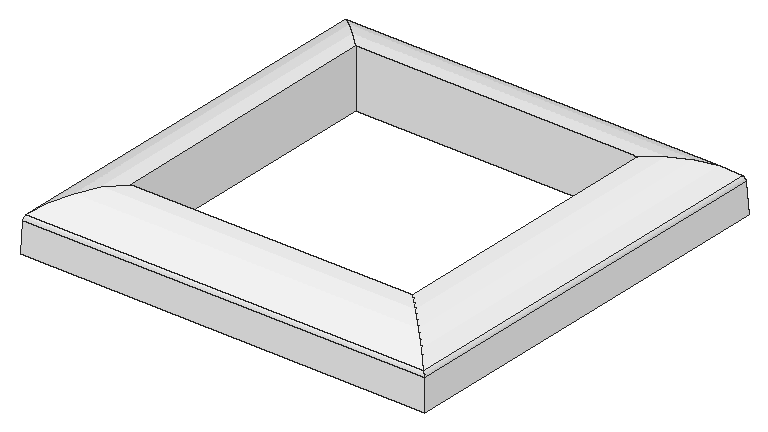
Revit family "Gira_021103", category Electrical Fixtures, host Face, Revit 2017
Family settings
  Host = Face
  Maintain Annotation Orientation = No
  Round Connector Dimension = Use Diameter
  Part Type = Normal
  Cut with Voids When Loaded = No
  Shared = No
  Room Calculation Point = No
Parameters (values of type "Cov.fr. 1-g Standard 55 p.white")
  With mounting grid = "No"
  With hinged lid = "No"
  URL = "http://katalog.gira.de/en/datenblatt.html?artikelnr=021103"
  Type of fastening = "Clamp mounting"
  Transparent = "No"
  Surface protection = "Other"
  Surface finishing = "Glossy"
  Suitable for wall duct = "No"
  Suitable for flush-mounted installation = "Yes"
  Suitable for floor box = "No"
  Suitable for built-in installation = "No"
  RAL-number (akin) = "9010"
  Number of units vertical = "1"
  Number of units horizontal = "1"
  Number of units = "1"
  Name = "Cov.fr. 1-g Standard 55 p.white"
  Mounting direction = "Horizontal and vertical"
  Material quality = "Thermoplastic"
  Material = "Plastic"
  Manufacturer URL = "https://www.gira.de/"
  Manufacturer = "Gira"
  Label space/information surface = "No"
  Keynote = ""
  HeinzeBIM = "https://bimportal.heinze.de/bim/cov-fr-1-g-standard-55-p-white/90cbbab7a4a28797fff3212c20502070f8b5981e"
  Halogen free = "Yes"
  HAN = "021103"
  GTIN = "4010337211037"
  Description = "Cov.fr.1g Std55 PW,Gira Standard 55 cover frame,pure white glossy,1-gang,Features:,- Shatter-proof.,,Notes :,- Also suitable for duct installation.,- In connection with the seal kit, frame (1-gang to 5-gang) is also suitable for installation as water-protected flush-mounted IP44."
  Degree of protection (IP) = "IP20"
  Default Elevation = 1219.2 mm
  Data sheet (1) = "https://katalog.gira.de/en/download.html?artikelnr=021103"
  Colour = "White"
  Category = "Cover frame for domestic switching devices"
  BIM (1) = "https://media.stage.bim.site/public/gira/36a6b08/Std55_Rahmen_1fach.rfa"
  Available = "No"
Reference planes
  plane 1 "Center (Front/Back)": y = 0
  plane 2: z = 0
  plane 3 "Center (Left/Right)": x = 0
  plane 4: y = -40.3
  plane 5: y = 40.3
  plane 6: x = 40.3
  plane 7: x = -40.3
Forms (mm)
  Sweep 1, solid, material "White", detail levels fine
    path origin (0, 0, 0) x (1, 0, 0) y (0, 1, 0)
      loop
        line (40.3, 40.3) -> (-40.3, 40.3) -> (-40.3, -40.3) -> (40.3, -40.3) -> (40.3, 40.3)
    profile origin (0, 40.3, 0) x (0, -1, 0) y (0, 0, 1)
      loop
        arc (12.22, 11.373) -> (5.983, 10.294) -> (0.641, 6.901) r 16.145
        arc (0.641, 6.901) -> (0.395, 6.426) -> (0.309, 5.898) r 1.694
        line (0.309, 5.898) -> (0, 0) -> (12.319, 0) -> (12.22, 11.373)
  Extrusion 2, solid, material "White", detail levels coarse+medium
    sketch origin (0, 0, 0) x (1, 0, 0) y (0, 1, 0)
      loop
        line (40.3, 40.3) -> (-40.3, 40.3) -> (-40.3, -40.3) -> (40.3, -40.3) -> (40.3, 40.3)
    from 0 to 11.373
Dimensions and locks
  aligned and locked: plane 2 to host face
  aligned and locked: level to host face
